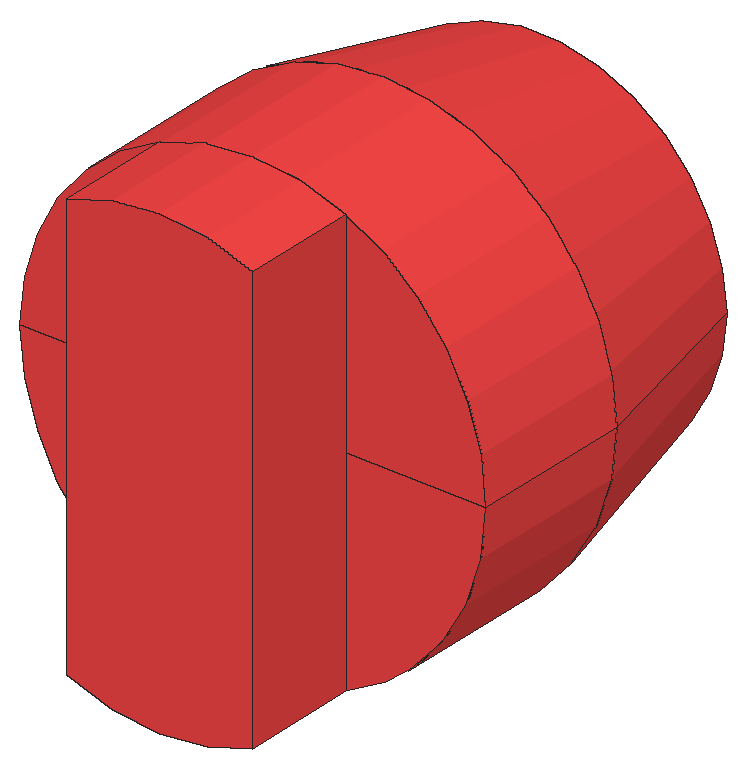
Revit family "CWSO-RR-W2 ENScape akustisk signalgiver rød IP65_Vegg", category Fire Alarm Devices, Revit 2016
Family settings
  Maintain Annotation Orientation = Yes
  Part Type = Normal
  Round Connector Dimension = Use Diameter
  OmniClass Number = 23.85.30.21.11.17
  OmniClass Title = Other Components
  Work Plane-Based = No
  Always vertical = No
  Cut with Voids When Loaded = No
  Shared = No
  Room Calculation Point = No
Parameters (values of type "Signalgiver")
  Type Comments = "-XH"
  Reference Line Out [instance] = 50.00 mm
  NS8360 = "5423_XN1"
  Manufacturer = "Honeywell"
  Keynote = "XN1"
  CQFontSymboler = ""
  CQ Diameter = 100.00 mm
  CQ Symbol Positive Direction [instance] = yes
  CQ Symbol Offset Side [instance] = 0.00 mm
  CQ Symbol Offset Out [instance] = 0.00 mm
  CQ Material = Plastic - Red
  CQ Length = 77.00 mm
  Assembly Code = "5423"
Reference planes
  plane 1 "Center (Front/Back)": y = 0
  plane 2: z = 0
  plane 3 "Center (Left/Right)": x = 0
  plane 4: y = 77
  plane 5: y = -25
  plane 6: x = 50
  plane 7: x = -50
  plane 8: z = 50
  plane 9: z = -50
Forms (mm)
  Revolve 1, solid, material "Plastic - Red" <- "CQ Material"
    sketch origin (0, 0, 0) x (1, 0, 0) y (0, 1, 0)
      loop
        line (50, 0) -> (50, 35) -> (40, 77) -> (38, 77)
        arc (38, 77) -> (31.118, 58.248) -> (13.595, 48.661) r 28.41
        line (13.595, 48.661) -> (0, 55) -> (0, 0) -> (50, 0)
      axis (0, 77) -> (0, 0)
    angle from 0 to 360
  Extrusion 2, solid, material "Plastic - Red" <- "CQ Material"
    sketch origin (0, 0, 0) x (0, 0, -1) y (1, 0, 0)
      loop
        line (-45.826, -20) -> (45.826, -20)
        arc (45.826, -20) -> (50, 0) -> (45.826, 20) r 50
        line (45.826, 20) -> (-45.826, 20)
        arc (-45.826, 20) -> (-50, 0) -> (-45.826, -20) r 50
    from 0 to 25
Cuts and joins
  joined: Revolve 1, Extrusion 2
Lines and regions (mm)
  model lines, style "InvisibleLines"
    curve 1: line (0, 0, 0) -> (0, 84, 0)
    curve 2: line (0, 0, 0) -> (0, 50, 0)
  symbolic lines, style "InvisibleLines"
    curve 3: line (-50, 0, 0) -> (-50, 77, 0)
    curve 4: line (-50, 77, 0) -> (50, 77, 0)
    curve 5: line (50, 77, 0) -> (50, 0, 0)
Dimensions and locks
  "CQ Length": plane 1 "Center (Front/Back)" to plane 4
  "Reference Line Out": plane 1 "Center (Front/Back)" to curve 2
  locked: plane 5 to plane 1 "Center (Front/Back)" at 25
  equal spacing: plane 7, plane 3 "Center (Left/Right)", plane 6
  "CQ Diameter": plane 7 to plane 6
  equal spacing: plane 8, plane 2, plane 9
  "CQ Diameter": plane 8 to plane 9
  Extrusion 2 sketch curve to plane 3 "Center (Left/Right)" to Extrusion 2 sketch curve = 20.00 mm locked, 20.00 mm locked
  aligned and locked: level to plane 2
  aligned and locked: curve 1 to plane 2
  aligned and locked: curve 2 to plane 3 "Center (Left/Right)"
  aligned and locked: plane 1 "Center (Front/Back)" to curve 2
  aligned and locked: curve 2 to plane 2
  aligned and locked: plane 3 "Center (Left/Right)" to nested 1
  aligned and locked: plane 1 "Center (Front/Back)" to nested 1
  aligned and locked: plane 1 "Center (Front/Back)" to curve 3
  aligned and locked: plane 1 "Center (Front/Back)" to curve 5
  aligned and locked: plane 4 to curve 4
  aligned and locked: plane 6 to curve 5
  aligned and locked: Revolve 1 sketch curve to plane 6
  aligned and locked: Revolve 1 sketch curve to plane 1 "Center (Front/Back)"
  aligned and locked: Revolve 1 sketch curve to plane 3 "Center (Left/Right)"
  aligned and locked: plane 4 to Revolve 1 sketch curve
  aligned and locked: Extrusion 2 sketch curve to Revolve 1  (x2)
  aligned and locked: Extrusion 2 to plane 5
Automatic sketch dimensions
  Revolve 1 sketch curve to plane 3 "Center (Left/Right)" = 0.00 mm
  plane 4 to Revolve 1 sketch curve = 0.212 mm
  Revolve 1 sketch curve to Revolve 1 sketch curve = 35.00 mm
  plane 4 to Revolve 1 sketch curve = 22.00 mm
  plane 3 "Center (Left/Right)" to Revolve 1 sketch curve = 13.595 mm
  Revolve 1 sketch curve to plane 5 = 1975.00 mm
  Revolve 1 sketch curve to plane 4 = 1923.00 mm
  plane 3 "Center (Left/Right)" to Revolve 1 sketch curve = 9.59 mm
  plane 6 to Revolve 1 sketch curve = 12.00 mm
  Revolve 1 sketch curve to Revolve 1 sketch curve = 2.00 mm
  curve 4 to plane 7 = 0.00 mm
  curve 1 to plane 4 = 7.00 mm
Nested families
  nested 1: "Alarm - Summer" at (0, 0, 0), type "Type 1"
Connectors
  electrical at (0, 0, 0)
    settings: index 1, voltage 0 V, apparent load 0 VA, apparent load phase1 0 VA, apparent load phase2 0 VA, apparent load phase3 0 VA, power factor 1, load classification "Other", number of poles 1, system type 11, power factor state 1, is connector primary yes, connector utility no, sub classification motor no, connector description ""
Definition of nested family "Alarm - Summer"
  Parameters (values of type "Type 1")
    CQ Symbol Positive Direction = yes
    CQ Symbol Negative Direction = not(CQ Symbol Positive Direction)  # no
    CQ Symbol Offset Side = 0.00 mm
    CQ Symbol Offset Out = 0.00 mm
  Reference planes
    plane 1: y = 0
    plane 2: x = 0
  Dimensions and locks
    "CQ Symbol Offset Out": plane 1 to nested 1
    "CQ Symbol Offset Out": plane 1 to nested 2
    "CQ Symbol Offset Side": nested 2 to plane 2
    "CQ Symbol Offset Side": plane 2 to nested 1
  Nested families
    nested 1: "Alarm - SummerSub" at (0, 0, 0), visible <- "CQ Symbol Positive Direction", type "Type 1"
    nested 2: "Alarm - SummerSub" at (0, 0, 0), visible <- "CQ Symbol Negative Direction", type "Type 1"
  Definition of nested family "Alarm - SummerSub"
    Reference planes
      plane 1: y = 0
      plane 2: x = 0
    Lines and regions (mm)
      detail lines
        curve 1: line (0, 0, 0) -> (0, 2.5, 0)
        curve 2: line (0, 0, 0) -> (-1.847, 0, 0)
        curve 3: line (-2.5, 2.5, 0) -> (2.5, 2.5, 0)
        curve 4: line (0, 5, 0) -> (-2.5, 2.5, 0)
        curve 5: line (0, 5, 0) -> (2.5, 2.5, 0)
